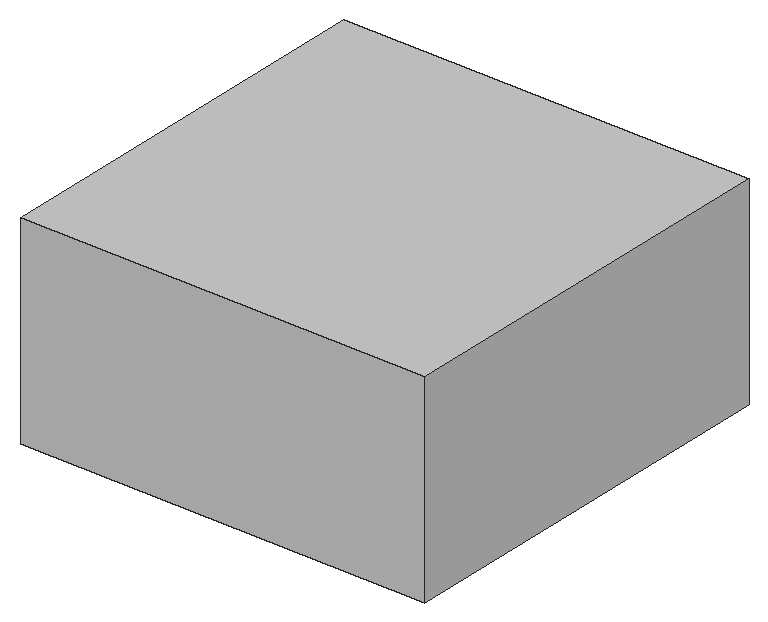
Revit family "BHE_StructuralFoundations_Pad-Rectangular", category Structural Foundations, Revit 2022
Family settings
  Material for Model Behavior = Concrete
  Cap = No
  Work Plane-Based = Yes
  Always vertical = Yes
  Cut with Voids When Loaded = No
  Shared = No
Parameters (values of type "1000x1000x500 DP")
  Width = BHE_Width  # 1000 mm
  Volume = 0.50 m³
  Structural Material [instance] = none
  Reinforcement Specs [instance] = ""
  Pad Type = "P1"
  Mesh [instance] = ""
  Length = BHE_Length  # 1000 mm
  Foundation Thickness = BHE_Depth  # 500 mm
  Default Elevation = 1219.2 mm
  BHE_Width = 1000 mm
  BHE_Length = 1000 mm
  BHE_Depth = 500 mm
Reference planes
  plane 1 "Center (Front/Back)": y = 0
  plane 2: z = 0
  plane 3 "Center (Left/Right)": x = 0
  plane 4: x = -500
  plane 5: x = 500
  plane 6: y = 500
  plane 7: y = -500
  plane 8: z = -500
Forms (mm)
  Extrusion 1, solid, material <- "Structural Material"
    sketch origin (0, 0, 0) x (1, 0, 0) y (0, 1, 0)
      loop
        line (-500, 500) -> (-500, -500) -> (500, -500) -> (500, 500) -> (-500, 500)
    from -500 to 0
Dimensions and locks
  equal spacing: plane 4, plane 3 "Center (Left/Right)", plane 5
  "Width": plane 4 to plane 5
  equal spacing: plane 7, plane 1 "Center (Front/Back)", plane 6
  "Length": plane 7 to plane 6
  "Foundation Thickness": plane 2 to plane 8
  aligned and locked: plane 4 to Extrusion 1 sketch curve
  aligned and locked: Extrusion 1 sketch curve to plane 6
  aligned and locked: plane 7 to Extrusion 1 sketch curve
  aligned and locked: plane 5 to Extrusion 1 sketch curve
  aligned and locked: Extrusion 1 to plane 8
  aligned and locked: plane 2 to Extrusion 1
